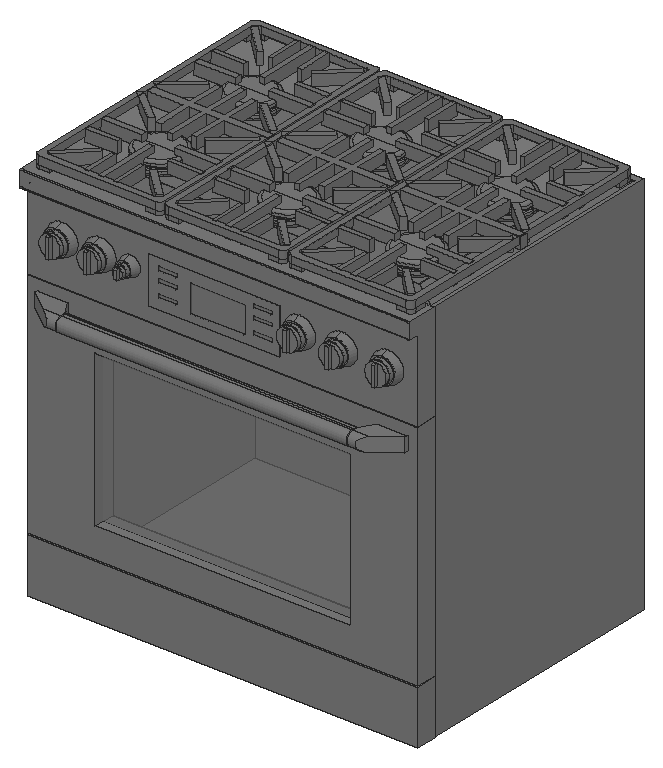
Revit family "DOP36M94D_Revit", category Specialty Equipment, Revit 2014
Parameters (values of type "DOP36M94D")
  Width = 35 7/8"
  WOK RING = "1"
  WI FI = "YES"
  VOLTS (V) = "240 / 208"
  Unit = Stainless Steel
  TYPE OF GRATE = "CONTINUOUS CAST IRON"
  TOTAL NUMBER OF COOKTOP BURNERS = "4 + GRIDDLE"
  TIME OF DAY (12 HR/24 HR) = "YES"
  TEMPERATURE PROBE = "1"
  TEMPERATURE (F / C) = "YES"
  Support = Glass
  STEAM HEATER = "500W"
  STANDARD RACKS = "1"
  SOUND ON/OFF = "YES"
  SEALED BURNERS = "YES"
  RIGHT REAR (BTU) = "9,000 STACK DUAL (SIMMER)"
  RIGHT FRONT (BTU) = "22,000 DUAL (SIMMER)"
  RACK POSITIONS = "6"
  POWER OF GRIDDLE = "1,400 W"
  PERMA-FLAME™ (AUTO RE-IGNITION) = "YES"
  OVEN CAPACITY (CUBIC FEET) = "4.8"
  NUMBER OF KNOBS = "5 + 1 LAMP KNOBS"
  Model = "DOP36M94D"
  Manufacturer = "Dacor"
  MANUAL LIGHTING ON/OFF = "YES"
  LIMITED, PARTS AND LABOR = "1 YEAR"
  LIGHTING = "BRIGHTVUE™ - LED + HALOGEN"
  LEFT REAR (BTU) = "16,000 DUAL (SIMMER)"
  LEFT FRONT (BTU) = "18,000 DUAL (SIMMER)"
  KITCHEN TIMER = "YES"
  INFOCENTER™ DISPLAY = "YES"
  ILLULMINA™ BURNER KNOBS = "YES / WHITE"
  Height = 37 1/2"
  Handle = Stainless Steel
  HIGHLIGHTING COLOR = "WHITE"
  Glide = Plastic-Black
  Gas Burner = Stainless Steel
  GLIDERACK™ = "GLIDERACK™"
  GAS TYPE = "NATURAL GAS NATURAL GAS (HIGH ALTITUDE) LIQUID PROPANE LIQUID PROPANE (HIGH ALTITU"
  FREQUENCY (HZ) = "60"
  ENERGY SOURCE = "GAS AND ELECTRIC"
  Door = Stainless Steel
  Description = "36-INCH PRO DUAL-FUEL STEAM RANGE MODERNIST COLLECTION"
  Depth = 24"
  DELAY START = "YES"
  COOKING MODES = "BAKE - BROIL - CONVECTION BAKE - CONVECTION ROAST - CONVECTION BROIL - FOUR PART PURE CONVECTION - PURE CONVECTION SEAR - STEAM ASSIST"
  COOKIE SHEETS (SET OF 3) = "SKU - ACSM303"
  CONVECTION TYPE = "FOUR PART DUAL PURE CONVECTION WITH FILTER"
  CONVECTION FILTER = "2"
  CONVECTION ELEMENT = "1,300W (EACH - 2,600W TOTAL)"
  CONTROL METHOD = "7” POP-UP LCD"
  CLOCK = "YES"
  CLEANING TYPE = "SELF CLEAN & GREENCLEAN"
  CIRCUIT BREAKER (A) = "50"
  CHILD LOCK = "YES"
  CAVITY = "BLACK ENAMEL COATING"
  Burner = Plastic-Black
  BROIL ELEMENT = "4,400W - 10 PASS"
  BRASS BURNER CAPS = "YES"
  BLUETOOTH (HOOD CONNECTION) = "YES"
  BLACK BURNER CAPS = "YES"
  BAKE ELEMENT = "3,000W - 8 PASS"
  Adjustment = Stainless Steel
  AMBIENTLIGHTING = "YES (DIMMING)"
Reference planes (in)
  plane 1 "Center (Front/Back)": y = 0
  plane 2: z = 0
  plane 3 "Center (Left/Right)": x = 0
  plane 4: y = 12
  plane 5: y = -12
  plane 6: x = -17.9375
  plane 7: x = 17.9375
  plane 8: z = 37.5
  plane 9: y = -14
  plane 10: z = 2
  plane 11: y = -14.875
  plane 12: y = -16.5
  plane 13: z = 38.5625
  plane 14: z = 36
Forms (in)
  Extrusion 1, solid, material "Stainless Steel" <- "Unit"
    sketch origin (0, 0, 0) x (1, 0, 0) y (0, 0, 1)
      loop
        line (-17.9375, 37.5) -> (-17.9375, 2) -> (17.9375, 2) -> (17.9375, 37.5) -> (17.60652, 37.5) -> (17.60652, 2.38848) -> (-17.39348, 2.38848) -> (-17.39348, 37.5) -> (-17.9375, 37.5)
    from -12 to 12
  Extrusion 2, solid, material "Stainless Steel" <- "Door"
    sketch origin (0, 0, 0) x (0, 1, 0) y (0, 0, 1)
      loop
        line (-12, 37.5) -> (-14.84447, 37.5)
        arc (-14.84447, 37.5) -> (-14.86606, 37.49106) -> (-14.875, 37.46947) r 0.03053
        line (-14.875, 37.46947) -> (-14.875, 36.03125)
        arc (-14.875, 36.03125) -> (-14.86585, 36.00915) -> (-14.84375, 36) r 0.03125
        line (-14.84375, 36) -> (-14.03125, 36)
        arc (-14.03125, 36) -> (-14.00915, 35.99085) -> (-14, 35.96875) r 0.03125
        line (-14, 35.96875) -> (-14, 28.5) -> (-12, 28.5) -> (-12, 37.5)
      loop
        line (-14, 1.96852) -> (-12, 1.96852) -> (-12, 6.96852) -> (-14, 6.96852) -> (-14, 1.96852)
    from -17.9375 to 17.9375
  Extrusion 3, solid, material "Glass" <- "Support"
    sketch origin (0, -14, 0) x (1, 0, 0) y (0, 0, 1)
      loop
        line (-11.73004, 24.12749) -> (-11.73004, 9.87749) -> (11.85979, 9.87749) -> (11.85979, 24.12749) -> (-11.73004, 24.12749)
    from -2 to -0.8824
  Revolve 4, solid, material "Plastic-Black" <- "Glide"
    sketch origin (15.125, 0, 0) x (0, 1, 0) y (0, 0, 1)
      loop
        line (-10.25, 2) -> (-10.25, 0.75) -> (-10.14613, 0.64613) -> (-10.14613, 0.08461) -> (-10.09729, 0) -> (-9.53479, 0) -> (-9.53479, 2) -> (-10.25, 2)
      axis (-9.53479, 0) -> (-9.53479, 2)
    angle from 0 to 360
  Revolve 5, solid, material "Plastic-Black" <- "Glide"
    sketch origin (-15.375, 0, 0) x (0, 1, 0) y (0, 0, -1)
      loop
        line (-10.25, -2) -> (-9.53479, -2) -> (-9.53479, 0) -> (-10.09729, 0) -> (-10.14613, -0.08461) -> (-10.14613, -0.64613) -> (-10.25, -0.75) -> (-10.25, -2)
      axis (-9.53479, 0) -> (-9.53479, -2)
    angle from 0 to 360
  Revolve 6, solid, material "Plastic-Black" <- "Glide"
    sketch origin (15.125, 0, 0) x (0, -1, 0) y (0, 0, -1)
      loop
        line (-10.25, -2) -> (-9.53479, -2) -> (-9.53479, 0) -> (-10.09729, 0) -> (-10.14613, -0.08461) -> (-10.14613, -0.64613) -> (-10.25, -0.75) -> (-10.25, -2)
      axis (-9.53479, 0) -> (-9.53479, -2)
    angle from 0 to 360
  Revolve 7, solid, material "Plastic-Black" <- "Glide"
    sketch origin (-15.375, 0, 0) x (0, -1, 0) y (0, 0, 1)
      loop
        line (-10.25, 2) -> (-10.25, 0.75) -> (-10.14613, 0.64613) -> (-10.14613, 0.08461) -> (-10.09729, 0) -> (-9.53479, 0) -> (-9.53479, 2) -> (-10.25, 2)
      axis (-9.53479, 0) -> (-9.53479, 2)
    angle from 0 to 360
  Extrusion 8, solid, material "Stainless Steel" <- "Door"
    sketch origin (0, 0, 0) x (1, 0, 0) y (0, 0, 1)
      loop
        line (-17.9375, 28.42187) -> (-17.9375, 7.10914) -> (17.9375, 7.10914) -> (17.9375, 28.42187) -> (-17.9375, 28.42187)
      loop
        line (-11.73004, 24.12749) -> (-11.73004, 9.87749) -> (11.76996, 9.87749) -> (11.76996, 24.12749) -> (-11.73004, 24.12749)
    from 14 to 12
  Extrusion 9, solid, material "Stainless Steel" <- "Handle"
    sketch origin (0, 0, 0) x (0, 1, 0) y (0, 0, 1)
      loop
        arc (-15.87396, 27.42185) -> (-16.49893, 26.79687) -> (-15.87396, 26.1719) r 0.62497
        line (-15.87396, 26.1719) -> (-15.43909, 26.1719)
        arc (-15.43909, 26.1719) -> (-15.24775, 26.20996) -> (-15.08554, 26.31835) r 0.5
        line (-15.08554, 26.31835) -> (-14.69013, 26.71375)
        arc (-14.69013, 26.71375) -> (-14.63633, 26.86568) -> (-14.72054, 27.00311) r 0.18719
        line (-14.72054, 27.00311) -> (-15.24113, 27.34118)
        arc (-15.24113, 27.34118) -> (-15.37144, 27.40126) -> (-15.51345, 27.42185) r 0.5
        line (-15.51345, 27.42185) -> (-15.87396, 27.42185)
    from -13.39511 to 13.39511
  Extrusion 10, solid, material "Stainless Steel" <- "Unit"
    sketch origin (-1.375, -14, 0) x (-1, 0, 0) y (0, 0, 1)
      loop
        line (5.39011, 34.04897) -> (-6.60989, 34.04897) -> (-6.60989, 29.79897) -> (5.39011, 29.79897) -> (5.39011, 34.04897)
      loop
        line (1.51939, 33.0225) -> (-3.48061, 33.0225) -> (-3.48061, 30.5225) -> (1.51939, 30.5225) -> (1.51939, 33.0225)
      loop
        line (4.4865, 33.38881) -> (2.76484, 33.38881) -> (2.76484, 33.0225) -> (4.4865, 33.0225) -> (4.4865, 33.38881)
      loop
        line (4.4865, 32.38881) -> (2.76484, 32.38881) -> (2.76484, 32.0225) -> (4.4865, 32.0225) -> (4.4865, 32.38881)
      loop
        line (4.4865, 31.13881) -> (2.76484, 31.13881) -> (2.76484, 30.7725) -> (4.4865, 30.7725) -> (4.4865, 31.13881)
      loop
        line (-4.2635, 33.38881) -> (-5.98516, 33.38881) -> (-5.98516, 33.0225) -> (-4.2635, 33.0225) -> (-4.2635, 33.38881)
      loop
        line (-4.2635, 32.38881) -> (-5.98516, 32.38881) -> (-5.98516, 32.0225) -> (-4.2635, 32.0225) -> (-4.2635, 32.38881)
      loop
        line (-4.2635, 31.13881) -> (-5.98516, 31.13881) -> (-5.98516, 30.7725) -> (-4.2635, 30.7725) -> (-4.2635, 31.13881)
    from 0 to -0.02195
  Extrusion 11, solid, material "Stainless Steel" <- "Unit"
    sketch origin (0, 12, 0) x (-1, 0, 0) y (0, 0, 1)
      loop
        line (17.39348, 2.38848) -> (17.39348, 37.5) -> (-17.60652, 37.5) -> (-17.60652, 2.38848) -> (17.39348, 2.38848)
    from 0 to -0.60405
  Blend 12, solid, material "Stainless Steel" <- "Unit"
    base sketch origin (-17.9375, 0, 37.5) x (1, 0, 0) y (0, 1, 0)
      loop
        line (0.54402, -12) -> (35.54402, -12) -> (35.54402, 11.39595) -> (0.54402, 11.39595) -> (0.54402, -12)
    top sketch origin (-17.9375, 0, 37.5) x (1, 0, 0) y (0, 1, 0)
      loop
        line (3.59462, 7.80878) -> (3.59462, -9.19122) -> (32.09462, -9.19122) -> (32.09462, 7.80878) -> (3.59462, 7.80878)
    from 0 to -1.15037
  Blend 13, void
    base sketch origin (-14.9375, 0, 0) x (1, 0, 0) y (0, 1, 0)
      loop
        line (-2.45598, -12) -> (32.54402, -12) -> (32.54402, 11.39595) -> (-2.45598, 11.39595) -> (-2.45598, -12)
    top sketch origin (-14.9375, 0, 0) x (1, 0, 0) y (0, 1, 0)
      loop
        line (1.59462, 7.06965) -> (1.59462, -8.45209) -> (28.59462, -8.45209) -> (28.59462, 7.06965) -> (1.59462, 7.06965)
    from 37.5 to 36.34963
  Extrusion 14, solid, material "Plastic-Black" <- "Burner"
    sketch origin (-17.9375, 0, 36.34963) x (0, 1, 0) y (1, 0, 0)
      loop
        line (7.06965, 31.59462) -> (-8.45209, 31.59462) -> (-8.45209, 4.59462) -> (7.06965, 4.59462) -> (7.06965, 31.59462)
    from 0 to 0.58019
  Revolve 15, solid, material "Stainless Steel" <- "Gas Burner"
    sketch origin (-2.375, -6.625, 0) x (1, 0, 0) y (0, 0, 1)
      loop
        line (-9.25, 35.76944) -> (-9.25, 38.03125) -> (-11.25, 38.03125)
        arc (-11.25, 38.03125) -> (-11.42678, 37.95803) -> (-11.5, 37.78125) r 0.25
        line (-11.5, 37.78125) -> (-11.5, 37.53125) -> (-11.37023, 37.40148)
        arc (-11.37023, 37.40148) -> (-11.35076, 37.35447) -> (-11.37023, 37.30747) r 0.06647
        line (-11.37023, 37.30747) -> (-11.5, 37.1777) -> (-11.5, 36.94183)
        arc (-11.5, 36.94183) -> (-11.44834, 36.78964) -> (-11.3147, 36.70035) r 0.25
        line (-11.3147, 36.70035) -> (-10.77556, 36.55589) -> (-10.3215, 35.76944) -> (-9.25, 35.76944)
      axis (-9.25, 35.76944) -> (-9.25, 38.03125)
    angle from 0 to 360
  Extrusion 16, solid, material "Plastic-Black" <- "Burner"
    sketch origin (0, 0, 0) x (1, 0, 0) y (0, 1, 0)
      loop
        arc (-16.89348, 11.39595) -> (-17.24703, 11.2495) -> (-17.39348, 10.89595) r 0.5
        line (-17.39348, 10.89595) -> (-17.39348, -13.5)
        arc (-17.39348, -13.5) -> (-17.24703, -13.85355) -> (-16.89348, -14) r 0.5
        line (-16.89348, -14) -> (-6.1875, -14)
        arc (-6.1875, -14) -> (-5.83395, -13.85355) -> (-5.6875, -13.5) r 0.5
        line (-5.6875, -13.5) -> (-5.6875, 10.89595)
        arc (-5.6875, 10.89595) -> (-5.83395, 11.2495) -> (-6.1875, 11.39595) r 0.5
        line (-6.1875, 11.39595) -> (-16.89348, 11.39595)
      loop
        arc (-16.37384, 10.84094) -> (-16.72739, 10.69449) -> (-16.87384, 10.34094) r 0.5
        line (-16.87384, 10.34094) -> (-16.87384, -12.90906)
        arc (-16.87384, -12.90906) -> (-16.72739, -13.26262) -> (-16.37384, -13.40906) r 0.5
        line (-16.37384, -13.40906) -> (-6.68634, -13.40906)
        arc (-6.68634, -13.40906) -> (-6.33278, -13.26262) -> (-6.18634, -12.90906) r 0.5
        line (-6.18634, -12.90906) -> (-6.18634, 10.34094)
        arc (-6.18634, 10.34094) -> (-6.33278, 10.69449) -> (-6.68634, 10.84094) r 0.5
        line (-6.68634, 10.84094) -> (-16.37384, 10.84094)
      loop
        line (16.89348, 11.39595) -> (6.375, 11.39595)
        arc (6.375, 11.39595) -> (6.02145, 11.2495) -> (5.875, 10.89595) r 0.5
        line (5.875, 10.89595) -> (5.875, -13.5)
        arc (5.875, -13.5) -> (6.02145, -13.85355) -> (6.375, -14) r 0.5
        line (6.375, -14) -> (16.89348, -14)
        arc (16.89348, -14) -> (17.24703, -13.85355) -> (17.39348, -13.5) r 0.5
        line (17.39348, -13.5) -> (17.39348, 10.89595)
        arc (17.39348, 10.89595) -> (17.24703, 11.2495) -> (16.89348, 11.39595) r 0.5
      loop
        line (16.37384, 10.84094) -> (6.87384, 10.84094)
        arc (6.87384, 10.84094) -> (6.52028, 10.69449) -> (6.37384, 10.34094) r 0.5
        line (6.37384, 10.34094) -> (6.37384, -12.90906)
        arc (6.37384, -12.90906) -> (6.52028, -13.26262) -> (6.87384, -13.40906) r 0.5
        line (6.87384, -13.40906) -> (16.37384, -13.40906)
        arc (16.37384, -13.40906) -> (16.72739, -13.26262) -> (16.87384, -12.90906) r 0.5
        line (16.87384, -12.90906) -> (16.87384, 10.34094)
        arc (16.87384, 10.34094) -> (16.72739, 10.69449) -> (16.37384, 10.84094) r 0.5
      loop
        line (5.14348, 11.39595) -> (-5, 11.39595)
        arc (-5, 11.39595) -> (-5.35355, 11.2495) -> (-5.5, 10.89595) r 0.5
        line (-5.5, 10.89595) -> (-5.5, -13.5)
        arc (-5.5, -13.5) -> (-5.35355, -13.85355) -> (-5, -14) r 0.5
        line (-5, -14) -> (5.14348, -14)
        arc (5.14348, -14) -> (5.49703, -13.85355) -> (5.64348, -13.5) r 0.5
        line (5.64348, -13.5) -> (5.64348, 10.89595)
        arc (5.64348, 10.89595) -> (5.49703, 11.2495) -> (5.14348, 11.39595) r 0.5
      loop
        line (4.62384, 10.84094) -> (-4.50116, 10.84094)
        arc (-4.50116, 10.84094) -> (-4.85472, 10.69449) -> (-5.00116, 10.34094) r 0.5
        line (-5.00116, 10.34094) -> (-5.00116, -12.90906)
        arc (-5.00116, -12.90906) -> (-4.85472, -13.26262) -> (-4.50116, -13.40906) r 0.5
        line (-4.50116, -13.40906) -> (4.62384, -13.40906)
        arc (4.62384, -13.40906) -> (4.97739, -13.26262) -> (5.12384, -12.90906) r 0.5
        line (5.12384, -12.90906) -> (5.12384, 10.34094)
        arc (5.12384, 10.34094) -> (4.97739, 10.69449) -> (4.62384, 10.84094) r 0.5
    from 38.5625 to 37.89555
  Revolve 17, solid, material "Stainless Steel" <- "Gas Burner"
    sketch origin (-2.375, 3.875, 0) x (1, 0, 0) y (0, 0, -1)
      loop
        line (-9.25, -35.76944) -> (-10.3215, -35.76944) -> (-10.77556, -36.55589) -> (-11.3147, -36.70035)
        arc (-11.3147, -36.70035) -> (-11.44834, -36.78964) -> (-11.5, -36.94183) r 0.25
        line (-11.5, -36.94183) -> (-11.5, -37.1777) -> (-11.37023, -37.30747)
        arc (-11.37023, -37.30747) -> (-11.35076, -37.35447) -> (-11.37023, -37.40148) r 0.06647
        line (-11.37023, -37.40148) -> (-11.5, -37.53125) -> (-11.5, -37.78125)
        arc (-11.5, -37.78125) -> (-11.42678, -37.95803) -> (-11.25, -38.03125) r 0.25
        line (-11.25, -38.03125) -> (-9.25, -38.03125) -> (-9.25, -35.76944)
      axis (-9.25, -35.76944) -> (-9.25, -38.03125)
    angle from 0 to 360
  Revolve 18, solid, material "Stainless Steel" <- "Gas Burner"
    sketch origin (2.75, -6.625, 0) x (-1, 0, 0) y (0, 0, -1)
      loop
        line (-9.25, -35.76944) -> (-10.3215, -35.76944) -> (-10.77556, -36.55589) -> (-11.3147, -36.70035)
        arc (-11.3147, -36.70035) -> (-11.44834, -36.78964) -> (-11.5, -36.94183) r 0.25
        line (-11.5, -36.94183) -> (-11.5, -37.1777) -> (-11.37023, -37.30747)
        arc (-11.37023, -37.30747) -> (-11.35076, -37.35447) -> (-11.37023, -37.40148) r 0.06647
        line (-11.37023, -37.40148) -> (-11.5, -37.53125) -> (-11.5, -37.78125)
        arc (-11.5, -37.78125) -> (-11.42678, -37.95803) -> (-11.25, -38.03125) r 0.25
        line (-11.25, -38.03125) -> (-9.25, -38.03125) -> (-9.25, -35.76944)
      axis (-9.25, -35.76944) -> (-9.25, -38.03125)
    angle from 0 to 360
  Revolve 19, solid, material "Stainless Steel" <- "Gas Burner"
    sketch origin (2.75, 3.875, 0) x (-1, 0, 0) y (0, 0, 1)
      loop
        line (-9.25, 35.76944) -> (-9.25, 38.03125) -> (-11.25, 38.03125)
        arc (-11.25, 38.03125) -> (-11.42678, 37.95803) -> (-11.5, 37.78125) r 0.25
        line (-11.5, 37.78125) -> (-11.5, 37.53125) -> (-11.37023, 37.40148)
        arc (-11.37023, 37.40148) -> (-11.35076, 37.35447) -> (-11.37023, 37.30747) r 0.06647
        line (-11.37023, 37.30747) -> (-11.5, 37.1777) -> (-11.5, 36.94183)
        arc (-11.5, 36.94183) -> (-11.44834, 36.78964) -> (-11.3147, 36.70035) r 0.25
        line (-11.3147, 36.70035) -> (-10.77556, 36.55589) -> (-10.3215, 35.76944) -> (-9.25, 35.76944)
      axis (-9.25, 35.76944) -> (-9.25, 38.03125)
    angle from 0 to 360
  Extrusion 20, solid, material "Plastic-Black" <- "Burner"
    sketch origin (0, 0, 0) x (1, 0, 0) y (0, 1, 0)
      loop
        arc (-16.89348, 11.39595) -> (-17.24703, 11.2495) -> (-17.39348, 10.89595) r 0.5
        line (-17.39348, 10.89595) -> (-17.39348, 9.92792) -> (-16.87384, 9.92792) -> (-16.87384, 10.34094)
        arc (-16.87384, 10.34094) -> (-16.72739, 10.69449) -> (-16.37384, 10.84094) r 0.5
        line (-16.37384, 10.84094) -> (-15.98692, 10.84094) -> (-15.98692, 11.39595) -> (-16.89348, 11.39595)
      loop
        line (-16.89348, -13.95845) -> (-15.98692, -13.95845) -> (-15.98692, -13.40344) -> (-16.37384, -13.40344)
        arc (-16.37384, -13.40344) -> (-16.72739, -13.25699) -> (-16.87384, -12.90344) r 0.5
        line (-16.87384, -12.90344) -> (-16.87384, -12.49042) -> (-17.39348, -12.49042) -> (-17.39348, -13.45845)
        arc (-17.39348, -13.45845) -> (-17.24703, -13.812) -> (-16.89348, -13.95845) r 0.5
      loop
        line (-6.22919, 11.39595) -> (-7.13575, 11.39595) -> (-7.13575, 10.84094) -> (-6.74884, 10.84094)
        arc (-6.74884, 10.84094) -> (-6.39528, 10.69449) -> (-6.24884, 10.34094) r 0.5
        line (-6.24884, 10.34094) -> (-6.24884, 9.92792) -> (-5.72919, 9.92792) -> (-5.72919, 10.89595)
        arc (-5.72919, 10.89595) -> (-5.87564, 11.2495) -> (-6.22919, 11.39595) r 0.5
      loop
        arc (-6.22919, -13.95845) -> (-5.87564, -13.812) -> (-5.72919, -13.45845) r 0.5
        line (-5.72919, -13.45845) -> (-5.72919, -12.49042) -> (-6.24884, -12.49042) -> (-6.24884, -12.90344)
        arc (-6.24884, -12.90344) -> (-6.39528, -13.25699) -> (-6.74884, -13.40344) r 0.5
        line (-6.74884, -13.40344) -> (-7.13575, -13.40344) -> (-7.13575, -13.95845) -> (-6.22919, -13.95845)
      loop
        line (16.89348, 11.39595) -> (15.98692, 11.39595) -> (15.98692, 10.84094) -> (16.37384, 10.84094)
        arc (16.37384, 10.84094) -> (16.72739, 10.69449) -> (16.87384, 10.34094) r 0.5
        line (16.87384, 10.34094) -> (16.87384, 9.92792) -> (17.39348, 9.92792) -> (17.39348, 10.89595)
        arc (17.39348, 10.89595) -> (17.24703, 11.2495) -> (16.89348, 11.39595) r 0.5
      loop
        arc (16.89348, -13.95845) -> (17.24703, -13.812) -> (17.39348, -13.45845) r 0.5
        line (17.39348, -13.45845) -> (17.39348, -12.49042) -> (16.87384, -12.49042) -> (16.87384, -12.90344)
        arc (16.87384, -12.90344) -> (16.72739, -13.25699) -> (16.37384, -13.40344) r 0.5
        line (16.37384, -13.40344) -> (15.98692, -13.40344) -> (15.98692, -13.95845) -> (16.89348, -13.95845)
      loop
        arc (6.35419, 11.39595) -> (6.00064, 11.2495) -> (5.85419, 10.89595) r 0.5
        line (5.85419, 10.89595) -> (5.85419, 9.92792) -> (6.37384, 9.92792) -> (6.37384, 10.34094)
        arc (6.37384, 10.34094) -> (6.52028, 10.69449) -> (6.87384, 10.84094) r 0.5
        line (6.87384, 10.84094) -> (7.26075, 10.84094) -> (7.26075, 11.39595) -> (6.35419, 11.39595)
      loop
        line (6.35419, -13.95845) -> (7.26075, -13.95845) -> (7.26075, -13.40344) -> (6.87384, -13.40344)
        arc (6.87384, -13.40344) -> (6.52028, -13.25699) -> (6.37384, -12.90344) r 0.5
        line (6.37384, -12.90344) -> (6.37384, -12.49042) -> (5.85419, -12.49042) -> (5.85419, -13.45845)
        arc (5.85419, -13.45845) -> (6.00064, -13.812) -> (6.35419, -13.95845) r 0.5
      loop
        line (5.10179, 11.39595) -> (4.19523, 11.39595) -> (4.19523, 10.84094) -> (4.58214, 10.84094)
        arc (4.58214, 10.84094) -> (4.9357, 10.69449) -> (5.08214, 10.34094) r 0.5
        line (5.08214, 10.34094) -> (5.08214, 9.92792) -> (5.60179, 9.92792) -> (5.60179, 10.89595)
        arc (5.60179, 10.89595) -> (5.45534, 11.2495) -> (5.10179, 11.39595) r 0.5
      loop
        arc (5.10179, -13.95845) -> (5.45534, -13.812) -> (5.60179, -13.45845) r 0.5
        line (5.60179, -13.45845) -> (5.60179, -12.49042) -> (5.08214, -12.49042) -> (5.08214, -12.90344)
        arc (5.08214, -12.90344) -> (4.9357, -13.25699) -> (4.58214, -13.40344) r 0.5
        line (4.58214, -13.40344) -> (4.19523, -13.40344) -> (4.19523, -13.95845) -> (5.10179, -13.95845)
      loop
        arc (-5, 11.39595) -> (-5.35355, 11.2495) -> (-5.5, 10.89595) r 0.5
        line (-5.5, 10.89595) -> (-5.5, 9.92792) -> (-4.98036, 9.92792) -> (-4.98036, 10.34094)
        arc (-4.98036, 10.34094) -> (-4.83391, 10.69449) -> (-4.48036, 10.84094) r 0.5
        line (-4.48036, 10.84094) -> (-4.09344, 10.84094) -> (-4.09344, 11.39595) -> (-5, 11.39595)
      loop
        line (-5, -13.95845) -> (-4.09344, -13.95845) -> (-4.09344, -13.40344) -> (-4.48036, -13.40344)
        arc (-4.48036, -13.40344) -> (-4.83391, -13.25699) -> (-4.98036, -12.90344) r 0.5
        line (-4.98036, -12.90344) -> (-4.98036, -12.49042) -> (-5.5, -12.49042) -> (-5.5, -13.45845)
        arc (-5.5, -13.45845) -> (-5.35355, -13.812) -> (-5, -13.95845) r 0.5
    from 37.89555 to 37.5
  Extrusion 21, solid, material "Plastic-Black" <- "Burner"
    sketch origin (0, 0, 0) x (1, 0, 0) y (0, 1, 0)
      loop
        line (-16.87384, -1.63544) -> (-13.51313, -1.63544) -> (-13.51313, -4.74313) -> (-13.04549, -4.74313) -> (-13.04549, -1.63544) -> (-11.88813, -1.63544) -> (-11.88813, -5.49313) -> (-11.42049, -5.49313) -> (-11.42049, -1.63544) -> (-10.26313, -1.63544) -> (-10.26313, -4.74313) -> (-9.79549, -4.74313) -> (-9.79549, -1.63544) -> (-5.6875, -1.63544) -> (-5.6875, -0.93269) -> (-9.79549, -0.93269) -> (-9.79549, 2.175) -> (-10.26313, 2.175) -> (-10.26313, -0.93269) -> (-11.42049, -0.93269) -> (-11.42049, 2.925) -> (-11.88813, 2.925) -> (-11.88813, -0.93269) -> (-13.04549, -0.93269) -> (-13.04549, 2.175) -> (-13.51313, 2.175) -> (-13.51313, -0.88568) -> (-16.87384, -0.88568) -> (-16.87384, -1.63544)
      loop
        line (-13.13813, -13.44499) -> (-12.79549, -13.44499) -> (-12.79549, -10.2987) -> (-13.13813, -10.2987) -> (-13.13813, -13.44499)
      loop
        line (-11.88813, -13.44499) -> (-11.42049, -13.44499) -> (-11.42049, -7.675) -> (-11.88813, -7.675) -> (-11.88813, -13.44499)
      loop
        line (-16.53101, -13.22716) -> (-13.87936, -10.57551) -> (-14.22219, -10.23268) -> (-16.87384, -12.88433) -> (-16.53101, -13.22716)
      loop
        line (-16.87384, -6.96756) -> (-13.02721, -6.96756) -> (-13.02721, -6.38806) -> (-16.87384, -6.38806) -> (-16.87384, -6.96756)
      loop
        line (-16.87384, -8.77147) -> (-13.87384, -8.77147) -> (-13.87384, -8.33397) -> (-16.87384, -8.33397) -> (-16.87384, -8.77147)
      loop
        line (-16.91878, -1.8755) -> (-17.27233, -2.22905) -> (-14.31207, -4.76597) -> (-13.95852, -4.41242) -> (-16.91878, -1.8755)
      loop
        line (-10.13813, -13.44499) -> (-10.13813, -10.2987) -> (-10.48076, -10.2987) -> (-10.48076, -13.44499) -> (-10.13813, -13.44499)
      loop
        line (-6.77761, -13.22716) -> (-6.43478, -12.88433) -> (-9.08643, -10.23268) -> (-9.42926, -10.57551) -> (-6.77761, -13.22716)
      loop
        line (-6.18866, -6.96756) -> (-6.18866, -6.38806) -> (-10.03529, -6.38806) -> (-10.03529, -6.96756) -> (-6.18866, -6.96756)
      loop
        line (-6.18866, -8.77147) -> (-6.18866, -8.33397) -> (-9.18866, -8.33397) -> (-9.18866, -8.77147) -> (-6.18866, -8.77147)
      loop
        line (-6.33122, -1.8755) -> (-9.29148, -4.41242) -> (-8.93793, -4.76597) -> (-5.97767, -2.22905) -> (-6.33122, -1.8755)
      loop
        line (-13.13813, 10.87686) -> (-13.13813, 7.73057) -> (-12.79549, 7.73057) -> (-12.79549, 10.87686) -> (-13.13813, 10.87686)
      loop
        line (-11.88813, 10.87686) -> (-11.88813, 5.10687) -> (-11.42049, 5.10687) -> (-11.42049, 10.87686) -> (-11.88813, 10.87686)
      loop
        line (-16.53101, 10.65903) -> (-16.87384, 10.3162) -> (-14.22219, 7.66455) -> (-13.87936, 8.00738) -> (-16.53101, 10.65903)
      loop
        line (-16.87384, 4.39943) -> (-16.87384, 3.81993) -> (-13.02721, 3.81993) -> (-13.02721, 4.39943) -> (-16.87384, 4.39943)
      loop
        line (-16.87384, 6.20334) -> (-16.87384, 5.76584) -> (-13.87384, 5.76584) -> (-13.87384, 6.20334) -> (-16.87384, 6.20334)
      loop
        line (-16.91878, -0.69263) -> (-13.95852, 1.84429) -> (-14.31207, 2.19784) -> (-17.27233, -0.33908) -> (-16.91878, -0.69263)
      loop
        line (-10.13813, 10.87686) -> (-10.48076, 10.87686) -> (-10.48076, 7.73057) -> (-10.13813, 7.73057) -> (-10.13813, 10.87686)
      loop
        line (-6.77761, 10.65903) -> (-9.42926, 8.00738) -> (-9.08643, 7.66455) -> (-6.43478, 10.3162) -> (-6.77761, 10.65903)
      loop
        line (-6.18866, 4.39943) -> (-10.03529, 4.39943) -> (-10.03529, 3.81993) -> (-6.18866, 3.81993) -> (-6.18866, 4.39943)
      loop
        line (-6.18866, 6.20334) -> (-9.18866, 6.20334) -> (-9.18866, 5.76584) -> (-6.18866, 5.76584) -> (-6.18866, 6.20334)
      loop
        line (-6.33122, -0.69263) -> (-5.97767, -0.33908) -> (-8.93793, 2.19784) -> (-9.29148, 1.84429) -> (-6.33122, -0.69263)
      loop
        line (-5.12384, -1.63544) -> (-1.76313, -1.63544) -> (-1.76313, -4.74313) -> (-1.29549, -4.74313) -> (-1.29549, -1.63544) -> (-0.13813, -1.63544) -> (-0.13813, -5.49313) -> (0.32951, -5.49313) -> (0.32951, -1.63544) -> (1.48687, -1.63544) -> (1.48687, -4.74313) -> (1.95451, -4.74313) -> (1.95451, -1.63544) -> (5.6875, -1.63544) -> (5.6875, -0.93269) -> (1.95451, -0.93269) -> (1.95451, 2.175) -> (1.48687, 2.175) -> (1.48687, -0.93269) -> (0.32951, -0.93269) -> (0.32951, 2.925) -> (-0.13813, 2.925) -> (-0.13813, -0.93269) -> (-1.29549, -0.93269) -> (-1.29549, 2.175) -> (-1.76313, 2.175) -> (-1.76313, -0.88568) -> (-5.12384, -0.88568) -> (-5.12384, -1.63544)
      loop
        line (-1.38813, -13.44499) -> (-1.04549, -13.44499) -> (-1.04549, -10.2987) -> (-1.38813, -10.2987) -> (-1.38813, -13.44499)
      loop
        line (-0.13813, -13.44499) -> (0.32951, -13.44499) -> (0.32951, -7.675) -> (-0.13813, -7.675) -> (-0.13813, -13.44499)
      loop
        line (-4.78101, -13.22716) -> (-2.12936, -10.57551) -> (-2.47219, -10.23268) -> (-5.12384, -12.88433) -> (-4.78101, -13.22716)
      loop
        line (-5.12384, -6.96756) -> (-1.27721, -6.96756) -> (-1.27721, -6.38806) -> (-5.12384, -6.38806) -> (-5.12384, -6.96756)
      loop
        line (-5.12384, -8.77147) -> (-2.12384, -8.77147) -> (-2.12384, -8.33397) -> (-5.12384, -8.33397) -> (-5.12384, -8.77147)
      loop
        line (-5.16878, -1.8755) -> (-5.52233, -2.22905) -> (-2.56207, -4.76597) -> (-2.20852, -4.41242) -> (-5.16878, -1.8755)
      loop
        line (1.61187, -13.44499) -> (1.61187, -10.2987) -> (1.26924, -10.2987) -> (1.26924, -13.44499) -> (1.61187, -13.44499)
      loop
        line (4.97239, -13.22716) -> (5.31522, -12.88433) -> (2.66357, -10.23268) -> (2.32074, -10.57551) -> (4.97239, -13.22716)
      loop
        line (5.56134, -6.96756) -> (5.56134, -6.38806) -> (1.71471, -6.38806) -> (1.71471, -6.96756) -> (5.56134, -6.96756)
      loop
        line (5.56134, -8.77147) -> (5.56134, -8.33397) -> (2.56134, -8.33397) -> (2.56134, -8.77147) -> (5.56134, -8.77147)
      loop
        line (5.41878, -1.8755) -> (2.45852, -4.41242) -> (2.81207, -4.76597) -> (5.77233, -2.22905) -> (5.41878, -1.8755)
      loop
        line (-1.38813, 10.87686) -> (-1.38813, 7.73057) -> (-1.04549, 7.73057) -> (-1.04549, 10.87686) -> (-1.38813, 10.87686)
      loop
        line (-0.13813, 10.87686) -> (-0.13813, 5.10687) -> (0.32951, 5.10687) -> (0.32951, 10.87686) -> (-0.13813, 10.87686)
      loop
        line (-4.78101, 10.65903) -> (-5.12384, 10.3162) -> (-2.47219, 7.66455) -> (-2.12936, 8.00738) -> (-4.78101, 10.65903)
      loop
        line (-5.12384, 4.39943) -> (-5.12384, 3.81993) -> (-1.27721, 3.81993) -> (-1.27721, 4.39943) -> (-5.12384, 4.39943)
      loop
        line (-5.12384, 6.20334) -> (-5.12384, 5.76584) -> (-2.12384, 5.76584) -> (-2.12384, 6.20334) -> (-5.12384, 6.20334)
      loop
        line (-5.16878, -0.69263) -> (-2.20852, 1.84429) -> (-2.56207, 2.19784) -> (-5.52233, -0.33908) -> (-5.16878, -0.69263)
      loop
        line (1.61187, 10.87686) -> (1.26924, 10.87686) -> (1.26924, 7.73057) -> (1.61187, 7.73057) -> (1.61187, 10.87686)
      loop
        line (4.97239, 10.65903) -> (2.32074, 8.00738) -> (2.66357, 7.66455) -> (5.31522, 10.3162) -> (4.97239, 10.65903)
      loop
        line (5.56134, 4.39943) -> (1.71471, 4.39943) -> (1.71471, 3.81993) -> (5.56134, 3.81993) -> (5.56134, 4.39943)
      loop
        line (5.56134, 6.20334) -> (2.56134, 6.20334) -> (2.56134, 5.76584) -> (5.56134, 5.76584) -> (5.56134, 6.20334)
      loop
        line (5.41878, -0.69263) -> (5.77233, -0.33908) -> (2.81207, 2.19784) -> (2.45852, 1.84429) -> (5.41878, -0.69263)
      loop
        line (6.37384, -1.63544) -> (9.73455, -1.63544) -> (9.73455, -4.74313) -> (10.20218, -4.74313) -> (10.20218, -1.63544) -> (11.35955, -1.63544) -> (11.35955, -5.49313) -> (11.82718, -5.49313) -> (11.82718, -1.63544) -> (12.98455, -1.63544) -> (12.98455, -4.74313) -> (13.45218, -4.74313) -> (13.45218, -1.63544) -> (17.56017, -1.63544) -> (17.56017, -0.93269) -> (13.45218, -0.93269) -> (13.45218, 2.175) -> (12.98455, 2.175) -> (12.98455, -0.93269) -> (11.82718, -0.93269) -> (11.82718, 2.925) -> (11.35955, 2.925) -> (11.35955, -0.93269) -> (10.20218, -0.93269) -> (10.20218, 2.175) -> (9.73455, 2.175) -> (9.73455, -0.88568) -> (6.37384, -0.88568) -> (6.37384, -1.63544)
      loop
        line (10.10955, -13.44499) -> (10.45218, -13.44499) -> (10.45218, -10.2987) -> (10.10955, -10.2987) -> (10.10955, -13.44499)
      loop
        line (11.35955, -13.44499) -> (11.82718, -13.44499) -> (11.82718, -7.675) -> (11.35955, -7.675) -> (11.35955, -13.44499)
      loop
        line (6.71667, -13.22716) -> (9.36832, -10.57551) -> (9.02549, -10.23268) -> (6.37384, -12.88433) -> (6.71667, -13.22716)
      loop
        line (6.37384, -6.96756) -> (10.22046, -6.96756) -> (10.22046, -6.38806) -> (6.37384, -6.38806) -> (6.37384, -6.96756)
      loop
        line (6.37384, -8.77147) -> (9.37384, -8.77147) -> (9.37384, -8.33397) -> (6.37384, -8.33397) -> (6.37384, -8.77147)
      loop
        line (6.3289, -1.8755) -> (5.97534, -2.22905) -> (8.9356, -4.76597) -> (9.28916, -4.41242) -> (6.3289, -1.8755)
      loop
        line (13.10955, -13.44499) -> (13.10955, -10.2987) -> (12.76691, -10.2987) -> (12.76691, -13.44499) -> (13.10955, -13.44499)
      loop
        line (16.47006, -13.22716) -> (16.81289, -12.88433) -> (14.16124, -10.23268) -> (13.81841, -10.57551) -> (16.47006, -13.22716)
      loop
        line (17.05901, -6.96756) -> (17.05901, -6.38806) -> (13.21238, -6.38806) -> (13.21238, -6.96756) -> (17.05901, -6.96756)
      loop
        line (17.05901, -8.77147) -> (17.05901, -8.33397) -> (14.05901, -8.33397) -> (14.05901, -8.77147) -> (17.05901, -8.77147)
      loop
        line (16.91645, -1.8755) -> (13.95619, -4.41242) -> (14.30974, -4.76597) -> (17.27, -2.22905) -> (16.91645, -1.8755)
      loop
        line (10.10955, 10.87686) -> (10.10955, 7.73057) -> (10.45218, 7.73057) -> (10.45218, 10.87686) -> (10.10955, 10.87686)
      loop
        line (11.35955, 10.87686) -> (11.35955, 5.10687) -> (11.82718, 5.10687) -> (11.82718, 10.87686) -> (11.35955, 10.87686)
      loop
        line (6.71667, 10.65903) -> (6.37384, 10.3162) -> (9.02549, 7.66455) -> (9.36832, 8.00738) -> (6.71667, 10.65903)
      loop
        line (6.37384, 4.39943) -> (6.37384, 3.81993) -> (10.22046, 3.81993) -> (10.22046, 4.39943) -> (6.37384, 4.39943)
      loop
        line (6.37384, 6.20334) -> (6.37384, 5.76584) -> (9.37384, 5.76584) -> (9.37384, 6.20334) -> (6.37384, 6.20334)
      loop
        line (6.3289, -0.69263) -> (9.28916, 1.84429) -> (8.9356, 2.19784) -> (5.97534, -0.33908) -> (6.3289, -0.69263)
      loop
        line (13.10955, 10.87686) -> (12.76691, 10.87686) -> (12.76691, 7.73057) -> (13.10955, 7.73057) -> (13.10955, 10.87686)
      loop
        line (16.47006, 10.65903) -> (13.81841, 8.00738) -> (14.16124, 7.66455) -> (16.81289, 10.3162) -> (16.47006, 10.65903)
      loop
        line (17.05901, 4.39943) -> (13.21238, 4.39943) -> (13.21238, 3.81993) -> (17.05901, 3.81993) -> (17.05901, 4.39943)
      loop
        line (17.05901, 6.20334) -> (14.05901, 6.20334) -> (14.05901, 5.76584) -> (17.05901, 5.76584) -> (17.05901, 6.20334)
      loop
        line (16.91645, -0.69263) -> (17.27, -0.33908) -> (14.30974, 2.19784) -> (13.95619, 1.84429) -> (16.91645, -0.69263)
    from 37.5 to 38.5625
  Revolve 22, solid, material "Stainless Steel" <- "Adjustment"
    sketch origin (15.25, 0, -0.625) x (0, 1, 0) y (0, 0, 1)
      loop
        line (-14, 34.51346) -> (-14.75, 34.3125) -> (-14.75, 34.17513) -> (-15.13851, 34.17513) -> (-15.13851, 34.10788) -> (-15.47236, 34.10788) -> (-15.47236, 33.12798) -> (-14, 33.12798) -> (-14, 34.51346)
      axis (-15.47236, 33.12798) -> (-14, 33.12798)
    angle from 0 to 360
  Extrusion 23, solid, material "Stainless Steel" <- "Adjustment"
    sketch origin (0.25, 0, -0.625) x (1, 0, 0) y (0, 0, 1)
      loop
        line (14.85979, 34.03957) -> (14.85979, 32.20999) -> (15.16074, 32.20999) -> (15.16074, 34.03957) -> (14.85979, 34.03957)
    from 15.76036 to 15.47236
  Revolve 24, solid, material "Stainless Steel" <- "Gas Burner"
    sketch origin (-9, -6.625, 0) x (-1, 0, 0) y (0, 0, -1)
      loop
        line (-9.25, -35.76944) -> (-10.3215, -35.76944) -> (-10.77556, -36.55589) -> (-11.3147, -36.70035)
        arc (-11.3147, -36.70035) -> (-11.44834, -36.78964) -> (-11.5, -36.94183) r 0.25
        line (-11.5, -36.94183) -> (-11.5, -37.1777) -> (-11.37023, -37.30747)
        arc (-11.37023, -37.30747) -> (-11.35076, -37.35447) -> (-11.37023, -37.40148) r 0.06647
        line (-11.37023, -37.40148) -> (-11.5, -37.53125) -> (-11.5, -37.78125)
        arc (-11.5, -37.78125) -> (-11.42678, -37.95803) -> (-11.25, -38.03125) r 0.25
        line (-11.25, -38.03125) -> (-9.25, -38.03125) -> (-9.25, -35.76944)
      axis (-9.25, -35.76944) -> (-9.25, -38.03125)
    angle from 0 to 360
  Revolve 25, solid, material "Stainless Steel" <- "Gas Burner"
    sketch origin (-9, 3.875, 0) x (-1, 0, 0) y (0, 0, 1)
      loop
        line (-9.25, 35.76944) -> (-9.25, 38.03125) -> (-11.25, 38.03125)
        arc (-11.25, 38.03125) -> (-11.42678, 37.95803) -> (-11.5, 37.78125) r 0.25
        line (-11.5, 37.78125) -> (-11.5, 37.53125) -> (-11.37023, 37.40148)
        arc (-11.37023, 37.40148) -> (-11.35076, 37.35447) -> (-11.37023, 37.30747) r 0.06647
        line (-11.37023, 37.30747) -> (-11.5, 37.1777) -> (-11.5, 36.94183)
        arc (-11.5, 36.94183) -> (-11.44834, 36.78964) -> (-11.3147, 36.70035) r 0.25
        line (-11.3147, 36.70035) -> (-10.77556, 36.55589) -> (-10.3215, 35.76944) -> (-9.25, 35.76944)
      axis (-9.25, 35.76944) -> (-9.25, 38.03125)
    angle from 0 to 360
  Extrusion 26, solid, material "Stainless Steel" <- "Handle"
    sketch origin (3.625, 0, 0) x (0, 1, 0) y (0, 0, 1)
      loop
        arc (-15.86535, 27.42185) -> (-16.49032, 26.79687) -> (-15.86535, 26.1719) r 0.62497
        line (-15.86535, 26.1719) -> (-14, 26.1719) -> (-14, 27.42185) -> (-15.86535, 27.42185)
    from 9.77011 to 13.3987
  Extrusion 27, void
    sketch origin (0, 0, 0) x (1, 0, 0) y (0, 1, 0)
      loop
        line (13.93535, -16.697) -> (17.34142, -16.697) -> (17.34142, -14.03589) -> (13.93535, -16.697)
      loop
        line (13.26456, -15.66428) -> (14.26456, -14) -> (13.26456, -14) -> (13.26456, -15.66428)
    from 25.10076 to 27.81952
  Extrusion 28, solid, material "Stainless Steel" <- "Handle"
    sketch origin (-3.625, 0, 0) x (0, 1, 0) y (0, 0, -1)
      loop
        line (-15.86535, -27.42185) -> (-14, -27.42185) -> (-14, -26.1719) -> (-15.86535, -26.1719)
        arc (-15.86535, -26.1719) -> (-16.49032, -26.79687) -> (-15.86535, -27.42185) r 0.62497
    from 9.77011 to 13.3987
  Extrusion 29, void
    sketch origin (0, 0, 0) x (-1, 0, 0) y (0, -1, 0)
      loop
        line (13.93535, 16.697) -> (17.34142, 14.03589) -> (17.34142, 16.697) -> (13.93535, 16.697)
      loop
        line (13.26456, 15.66428) -> (13.26456, 14) -> (14.26456, 14) -> (13.26456, 15.66428)
    from 25.10076 to 27.81952
  Extrusion 30, solid, material "Glass" <- "Support"
    sketch origin (-1.375, 0, 0) x (1, 0, 0) y (0, 0, 1)
      loop
        line (-1.51939, 33.0225) -> (-1.51939, 30.5225) -> (3.48061, 30.5225) -> (3.48061, 33.0225) -> (-1.51939, 33.0225)
      loop
        line (-2.76484, 33.0225) -> (-2.76484, 33.38881) -> (-4.4865, 33.38881) -> (-4.4865, 33.0225) -> (-2.76484, 33.0225)
      loop
        line (-2.76484, 32.0225) -> (-2.76484, 32.38881) -> (-4.4865, 32.38881) -> (-4.4865, 32.0225) -> (-2.76484, 32.0225)
      loop
        line (-2.76484, 30.7725) -> (-2.76484, 31.13881) -> (-4.4865, 31.13881) -> (-4.4865, 30.7725) -> (-2.76484, 30.7725)
      loop
        line (5.98516, 33.0225) -> (5.98516, 33.38881) -> (4.2635, 33.38881) -> (4.2635, 33.0225) -> (5.98516, 33.0225)
      loop
        line (5.98516, 32.0225) -> (5.98516, 32.38881) -> (4.2635, 32.38881) -> (4.2635, 32.0225) -> (5.98516, 32.0225)
      loop
        line (5.98516, 30.7725) -> (5.98516, 31.13881) -> (4.2635, 31.13881) -> (4.2635, 30.7725) -> (5.98516, 30.7725)
    from 14 to 14.02195
  Revolve 31, solid, material "Stainless Steel" <- "Adjustment"
    sketch origin (11, 0, -0.625) x (0, 1, 0) y (0, 0, 1)
      loop
        line (-14, 34.51346) -> (-14.75, 34.3125) -> (-14.75, 34.17513) -> (-15.13851, 34.17513) -> (-15.13851, 34.10788) -> (-15.47236, 34.10788) -> (-15.47236, 33.12798) -> (-14, 33.12798) -> (-14, 34.51346)
      axis (-15.47236, 33.12798) -> (-14, 33.12798)
    angle from 0 to 360
  Extrusion 32, solid, material "Stainless Steel" <- "Adjustment"
    sketch origin (-4, 0, -0.625) x (1, 0, 0) y (0, 0, 1)
      loop
        line (14.85979, 34.03957) -> (14.85979, 32.20999) -> (15.16074, 32.20999) -> (15.16074, 34.03957) -> (14.85979, 34.03957)
    from 15.76036 to 15.47236
  Revolve 33, solid, material "Stainless Steel" <- "Adjustment"
    sketch origin (7.125, 0, -0.625) x (0, 1, 0) y (0, 0, 1)
      loop
        line (-14, 34.51346) -> (-14.75, 34.3125) -> (-14.75, 34.17513) -> (-15.13851, 34.17513) -> (-15.13851, 34.10788) -> (-15.47236, 34.10788) -> (-15.47236, 33.12798) -> (-14, 33.12798) -> (-14, 34.51346)
      axis (-15.47236, 33.12798) -> (-14, 33.12798)
    angle from 0 to 360
  Extrusion 34, solid, material "Stainless Steel" <- "Adjustment"
    sketch origin (-7.875, 0, -0.625) x (1, 0, 0) y (0, 0, 1)
      loop
        line (14.85979, 34.03957) -> (14.85979, 32.20999) -> (15.16074, 32.20999) -> (15.16074, 34.03957) -> (14.85979, 34.03957)
    from 15.76036 to 15.47236
  Revolve 35, solid, material "Stainless Steel" <- "Adjustment"
    sketch origin (-11.25, 0, -0.625) x (0, 1, 0) y (0, 0, 1)
      loop
        line (-14, 34.51346) -> (-14.75, 34.3125) -> (-14.75, 34.17513) -> (-15.13851, 34.17513) -> (-15.13851, 34.10788) -> (-15.47236, 34.10788) -> (-15.47236, 33.12798) -> (-14, 33.12798) -> (-14, 34.51346)
      axis (-15.47236, 33.12798) -> (-14, 33.12798)
    angle from 0 to 360
  Extrusion 36, solid, material "Stainless Steel" <- "Adjustment"
    sketch origin (-26.25, 0, -0.625) x (1, 0, 0) y (0, 0, 1)
      loop
        line (14.85979, 34.03957) -> (14.85979, 32.20999) -> (15.16074, 32.20999) -> (15.16074, 34.03957) -> (14.85979, 34.03957)
    from 15.76036 to 15.47236
  Revolve 37, solid, material "Stainless Steel" <- "Adjustment"
    sketch origin (-14.75, 0, -0.625) x (0, 1, 0) y (0, 0, 1)
      loop
        line (-14, 34.51346) -> (-14.75, 34.3125) -> (-14.75, 34.17513) -> (-15.13851, 34.17513) -> (-15.13851, 34.10788) -> (-15.47236, 34.10788) -> (-15.47236, 33.12798) -> (-14, 33.12798) -> (-14, 34.51346)
      axis (-15.47236, 33.12798) -> (-14, 33.12798)
    angle from 0 to 360
  Extrusion 38, solid, material "Stainless Steel" <- "Adjustment"
    sketch origin (-29.75, 0, -0.625) x (1, 0, 0) y (0, 0, 1)
      loop
        line (14.85979, 34.03957) -> (14.85979, 32.20999) -> (15.16074, 32.20999) -> (15.16074, 34.03957) -> (14.85979, 34.03957)
    from 15.76036 to 15.47236
  Revolve 39, solid, material "Stainless Steel" <- "Adjustment"
    sketch origin (-8.5, 0, -0.625) x (0, 1, 0) y (0, 0, 1)
      loop
        line (-14, 34.01346) -> (-14.75, 33.8125) -> (-14.75, 33.67513) -> (-15.13851, 33.67513) -> (-15.13851, 33.60788) -> (-15.47236, 33.60788) -> (-15.47236, 33.12798) -> (-14, 33.12798) -> (-14, 34.01346)
      axis (-15.47236, 33.12798) -> (-14, 33.12798)
    angle from 0 to 360
  Extrusion 40, solid, material "Stainless Steel" <- "Adjustment"
    sketch origin (-23.5, 0, -0.625) x (1, 0, 0) y (0, 0, 1)
      loop
        line (14.85979, 33.53394) -> (14.85979, 32.71015) -> (15.16074, 32.71015) -> (15.16074, 33.53394) -> (14.85979, 33.53394)
    from 15.76036 to 15.47236
Cuts and joins
  joined: Extrusion 1, Extrusion 11
  Blend 13 cuts Blend 12
  Extrusion 27, Extrusion 29 cuts Extrusion 26
  Extrusion 29 cuts Extrusion 8
  Extrusion 29 cuts Extrusion 28
Dimensions and locks (in)
  equal spacing: plane 6, plane 3 "Center (Left/Right)", plane 7
  "Width": plane 6 to plane 7
  equal spacing: plane 4, plane 1 "Center (Front/Back)", plane 5
  "Depth": plane 4 to plane 5
  "Height": plane 8 to plane 2
  plane 5 to plane 4 = 24"
  plane 9 to plane 4 = 26"
  plane 11 to plane 4 = 26 7/8"
  plane 12 to plane 4 = 28 1/2"
  locked: plane 13 to plane 8 at 1.0625
  locked: plane 8 to plane 14 at 1.5
  Extrusion 2 sketch curve to Extrusion 2 sketch curve = 9"
  aligned and locked: level to plane 2
  aligned and locked: plane 4 to Extrusion 1
  aligned and locked: Extrusion 1 to plane 5
  aligned and locked: Extrusion 2 to plane 6
  aligned and locked: plane 7 to Extrusion 2
  aligned and locked: Extrusion 20 to plane 8
  aligned and locked: Extrusion 20 to Extrusion 16
Automatic sketch dimensions
  Extrusion 1 sketch curve to plane 6 = 0"
  Extrusion 1 sketch curve to plane 8 = 0"  (x2)
  Extrusion 1 sketch curve to plane 7 = 0"
  Extrusion 1 sketch curve to plane 10 = 0"
  plane 6 to Extrusion 1 sketch curve = 0.54402"
  Extrusion 1 sketch curve to plane 7 = 0.33098"
  plane 10 to Extrusion 1 sketch curve = 0.38848"
  Extrusion 2 sketch curve to plane 11 = 0"
  Extrusion 2 sketch curve to plane 8 = 0"
  Extrusion 2 sketch curve to plane 14 = 0"
  Extrusion 2 sketch curve to plane 9 = 0"  (x2)
  Extrusion 2 sketch curve to plane 5 = 0"  (x2)
  plane 11 to Extrusion 2 sketch curve = 0.03053"
  Extrusion 2 sketch curve to Extrusion 2 sketch curve = 1/32"  (x2)
  plane 10 to Extrusion 2 sketch curve = 4.96852"
  Extrusion 2 sketch curve to plane 10 = 0.03148"
  plane 6 to Extrusion 3 sketch curve = 6.20746"
  Extrusion 3 sketch curve to plane 7 = 6.07771"
  plane 10 to Extrusion 3 sketch curve = 7.87749"
  Extrusion 3 sketch curve to plane 14 = 11.87251"
  Revolve 4 sketch curve to plane 10 = 0"
  Revolve 4 sketch curve to level = 0"
  plane 5 to Revolve 4 sketch curve = 1 3/4"
  level to Revolve 4 sketch curve = 0.64613"
  Revolve 4 sketch curve to Revolve 4 sketch curve = 0.10387"  (x2)
  Revolve 4 sketch curve to Revolve 4 sketch curve = 0.04885"
  Revolve 4 sketch curve to Revolve 4 sketch curve = 0.71521"
  level to Revolve 4 sketch curve = 0.08461"
  Revolve 4 sketch curve to Revolve 4 sketch curve = 0.61135"
  Revolve 4 sketch curve to Revolve 4 sketch curve = 0.35387"
  Revolve 4 sketch curve to plane 10 = 0.38394"
  Revolve 5 sketch curve to plane 10 = 0"
  Revolve 5 sketch curve to level = 0"
  plane 5 to Revolve 5 sketch curve = 1 3/4"
  level to Revolve 5 sketch curve = 0.64613"
  Revolve 5 sketch curve to Revolve 5 sketch curve = 0.10387"  (x2)
  Revolve 5 sketch curve to Revolve 5 sketch curve = 0.04885"
  Revolve 5 sketch curve to Revolve 5 sketch curve = 0.71521"
  level to Revolve 5 sketch curve = 0.08461"
  Revolve 5 sketch curve to Revolve 5 sketch curve = 0.61135"
  Revolve 5 sketch curve to plane 10 = 0.38394"
  Revolve 5 sketch curve to Revolve 5 sketch curve = 0.61606"
  Revolve 6 sketch curve to plane 10 = 0"
  Revolve 6 sketch curve to level = 0"
  Revolve 6 sketch curve to plane 4 = 1 3/4"
  level to Revolve 6 sketch curve = 0.64613"
  Revolve 6 sketch curve to Revolve 6 sketch curve = 0.10387"  (x2)
  Revolve 6 sketch curve to Revolve 6 sketch curve = 0.04885"
  Revolve 6 sketch curve to Revolve 6 sketch curve = 0.71521"
  level to Revolve 6 sketch curve = 0.08461"
  Revolve 6 sketch curve to Revolve 6 sketch curve = 0.61135"
  Revolve 6 sketch curve to plane 10 = 0.38394"
  Revolve 6 sketch curve to Revolve 6 sketch curve = 0.61606"
  Revolve 7 sketch curve to plane 10 = 0"
  Revolve 7 sketch curve to level = 0"
  Revolve 7 sketch curve to plane 4 = 1 3/4"
  level to Revolve 7 sketch curve = 0.64613"
  Revolve 7 sketch curve to Revolve 7 sketch curve = 0.10387"  (x2)
  Revolve 7 sketch curve to Revolve 7 sketch curve = 0.04885"
  Revolve 7 sketch curve to Revolve 7 sketch curve = 0.71521"
  level to Revolve 7 sketch curve = 0.08461"
  Revolve 7 sketch curve to Revolve 7 sketch curve = 0.61135"
  Revolve 7 sketch curve to Revolve 7 sketch curve = 0.35387"
  Revolve 7 sketch curve to plane 10 = 0.38394"
  Extrusion 8 sketch curve to plane 6 = 0"
  Extrusion 8 sketch curve to plane 7 = 0"
  plane 6 to Extrusion 8 sketch curve = 6.20746"
  Extrusion 8 sketch curve to plane 7 = 6.16754"
  plane 10 to Extrusion 8 sketch curve = 5.10914"
  Extrusion 8 sketch curve to Extrusion 8 sketch curve = 2.76834"
  Extrusion 8 sketch curve to plane 14 = 11.87251"
  Extrusion 8 sketch curve to Extrusion 8 sketch curve = 4.29439"
  plane 12 to Extrusion 9 sketch curve = 0.62604"
  Extrusion 9 sketch curve to Extrusion 9 sketch curve = 0.36051"
  Extrusion 9 sketch curve to Extrusion 9 sketch curve = 0.07436"
  Extrusion 9 sketch curve to Extrusion 9 sketch curve = 0.27232"
  Extrusion 9 sketch curve to plane 11 = 0.21054"
  plane 11 to Extrusion 9 sketch curve = 0.0525"
  plane 11 to Extrusion 9 sketch curve = 0.15446"
  plane 11 to Extrusion 9 sketch curve = 0.18487"
  Extrusion 9 sketch curve to plane 14 = 9.8281"
  Extrusion 9 sketch curve to Extrusion 9 sketch curve = 0.14645"
  Extrusion 9 sketch curve to Extrusion 9 sketch curve = 0.39541"
  Extrusion 9 sketch curve to Extrusion 9 sketch curve = 0.12497"
  Extrusion 9 sketch curve to Extrusion 9 sketch curve = 0.13236"
  Extrusion 9 sketch curve to Extrusion 9 sketch curve = 0.24995"
  Extrusion 10 sketch curve to plane 14 = 1.95103"
  plane 3 "Center (Left/Right)" to Extrusion 10 sketch curve = 5.23489"
  Extrusion 10 sketch curve to Extrusion 10 sketch curve = 0.62473"  (x2)
  Extrusion 10 sketch curve to Extrusion 10 sketch curve = 0"  (x7)
  Extrusion 10 sketch curve to Extrusion 10 sketch curve = 1.72166"  (x2)
  Extrusion 10 sketch curve to Extrusion 10 sketch curve = 0.78289"
  Extrusion 10 sketch curve to plane 3 "Center (Left/Right)" = 2.89439"
  Extrusion 10 sketch curve to Extrusion 10 sketch curve = 1.24545"
  Extrusion 10 sketch curve to Extrusion 10 sketch curve = 0.90361"
  Extrusion 10 sketch curve to plane 14 = 2.61119"
  Extrusion 10 sketch curve to Extrusion 10 sketch curve = 169/256"
  Extrusion 10 sketch curve to Extrusion 10 sketch curve = 0.36631"  (x7)
  Extrusion 10 sketch curve to Extrusion 10 sketch curve = 0.63369"  (x2)
  Extrusion 10 sketch curve to Extrusion 10 sketch curve = 0.88369"  (x2)
  Extrusion 10 sketch curve to Extrusion 10 sketch curve = 1/4"
  Extrusion 10 sketch curve to Extrusion 10 sketch curve = 0.97353"
  Extrusion 11 sketch curve to Extrusion 1 = 0"  (x4)
  Blend 12 sketch curve to Extrusion 1 = 0"
  Extrusion 1 to Blend 12 sketch curve = 0"
  Extrusion 1 to Blend 12 sketch curve = 35"
  Extrusion 1 to Blend 12 sketch curve = 0.60405"
  Extrusion 1 to Blend 12 sketch curve = 3.0506"
  Extrusion 1 to Blend 12 sketch curve = 2.80878"
  Blend 12 sketch curve to Blend 12 sketch curve = 28 1/2"
  Extrusion 1 to Blend 12 sketch curve = 4.19122"
  Blend 13 sketch curve to plane 5 = 0"
  plane 6 to Blend 13 sketch curve = 0.54402"
  Blend 13 sketch curve to plane 7 = 0.33098"
  Blend 13 sketch curve to plane 4 = 0.60405"
  plane 6 to Blend 13 sketch curve = 4.59462"
  Blend 13 sketch curve to plane 7 = 4.28038"
  plane 5 to Blend 13 sketch curve = 3.54791"
  Blend 13 sketch curve to plane 4 = 4.93035"
  Blend 12 to Extrusion 14 sketch curve = 0.73913"  (x2)
  Blend 12 to Extrusion 14 sketch curve = 1/2"
  Blend 12 to Extrusion 14 sketch curve = 1"
  plane 8 to Revolve 15 sketch curve = 1/32"
  plane 6 to Revolve 15 sketch curve = 4 1/16"
  Revolve 15 sketch curve to plane 8 = 0.3223"
  Revolve 15 sketch curve to Revolve 15 sketch curve = 0"  (x2)
  Revolve 15 sketch curve to Revolve 15 sketch curve = 0.08277"
  Revolve 15 sketch curve to plane 8 = 0.09852"
  Revolve 15 sketch curve to Revolve 15 sketch curve = 0.047"  (x2)
  Revolve 15 sketch curve to plane 8 = 0.19253"
  plane 14 to Revolve 15 sketch curve = 0.70035"
  Revolve 15 sketch curve to Revolve 15 sketch curve = 0.1853"
  Revolve 15 sketch curve to Revolve 15 sketch curve = 1/4"  (x2)
  plane 14 to Revolve 15 sketch curve = 0.55589"
  Revolve 15 sketch curve to Revolve 15 sketch curve = 0.53915"
  Revolve 15 sketch curve to plane 14 = 0.23056"
  Revolve 15 sketch curve to Revolve 15 sketch curve = 0.45405"
  Revolve 15 sketch curve to Revolve 15 sketch curve = 1.0715"
  plane 8 to Revolve 15 sketch curve = 9/32"
  plane 14 to Revolve 15 sketch curve = 0.63472"
  Revolve 15 sketch curve to Revolve 15 sketch curve = 0.10347"
  Extrusion 16 sketch curve to plane 9 = 0"  (x3)
  plane 6 to Extrusion 16 sketch curve = 0.54402"
  Extrusion 16 sketch curve to Extrusion 16 sketch curve = 1/2"  (x16)
  Extrusion 16 sketch curve to Extrusion 16 sketch curve = 0.01964"
  Extrusion 16 sketch curve to Extrusion 16 sketch curve = 0.51964"  (x5)
  Extrusion 16 sketch curve to plane 4 = 1.15906"
  Extrusion 16 sketch curve to plane 3 "Center (Left/Right)" = 6.68634"  (x2)
  Extrusion 16 sketch curve to plane 5 = 0.90906"
  Extrusion 16 sketch curve to Extrusion 16 sketch curve = 0.49884"  (x5)
  Extrusion 16 sketch curve to Extrusion 16 sketch curve = 3/16"
  Extrusion 16 sketch curve to plane 4 = 1.65906"  (x2)
  plane 3 "Center (Left/Right)" to Extrusion 16 sketch curve = 4.62384"  (x2)
  plane 9 to Extrusion 16 sketch curve = 0.59094"  (x2)
  Extrusion 16 sketch curve to Extrusion 16 sketch curve = 0.23152"
  Extrusion 16 sketch curve to plane 7 = 1.56366"  (x2)
  Extrusion 16 sketch curve to Extrusion 16 sketch curve = 0.55501"  (x2)
  Extrusion 16 sketch curve to Extrusion 16 sketch curve = 0.05501"
  plane 8 to Revolve 17 sketch curve = 1/32"
  plane 6 to Revolve 17 sketch curve = 4 1/16"
  Revolve 17 sketch curve to plane 8 = 0.3223"
  Revolve 17 sketch curve to Revolve 17 sketch curve = 0"  (x2)
  Revolve 17 sketch curve to Revolve 17 sketch curve = 0.08277"
  Revolve 17 sketch curve to plane 8 = 0.09852"
  Revolve 17 sketch curve to Revolve 17 sketch curve = 0.047"  (x2)
  Revolve 17 sketch curve to plane 8 = 0.19253"
  plane 14 to Revolve 17 sketch curve = 0.70035"
  Revolve 17 sketch curve to Revolve 17 sketch curve = 0.1853"
  Revolve 17 sketch curve to Revolve 17 sketch curve = 1/4"  (x3)
  plane 14 to Revolve 17 sketch curve = 0.55589"
  Revolve 17 sketch curve to Revolve 17 sketch curve = 0.53915"
  Revolve 17 sketch curve to plane 14 = 0.23056"
  Revolve 17 sketch curve to Revolve 17 sketch curve = 0.45405"
  Revolve 17 sketch curve to Revolve 17 sketch curve = 1.0715"
  Revolve 17 sketch curve to Revolve 17 sketch curve = 0.10347"
  plane 14 to Revolve 17 sketch curve = 0.63472"
  plane 8 to Revolve 18 sketch curve = 1/32"
  Revolve 18 sketch curve to plane 7 = 3 11/16"
  Revolve 18 sketch curve to plane 8 = 0.3223"
  Revolve 18 sketch curve to Revolve 18 sketch curve = 0"  (x2)
  Revolve 18 sketch curve to Revolve 18 sketch curve = 0.08277"
  Revolve 18 sketch curve to plane 8 = 0.09852"
  Revolve 18 sketch curve to Revolve 18 sketch curve = 0.047"  (x2)
  Revolve 18 sketch curve to plane 8 = 0.19253"
  plane 14 to Revolve 18 sketch curve = 0.70035"
  Revolve 18 sketch curve to Revolve 18 sketch curve = 0.1853"
  Revolve 18 sketch curve to Revolve 18 sketch curve = 1/4"  (x2)
  Revolve 18 sketch curve to Revolve 18 sketch curve = 0.0647"
  plane 14 to Revolve 18 sketch curve = 0.55589"
  Revolve 18 sketch curve to Revolve 18 sketch curve = 0.53915"
  Revolve 18 sketch curve to plane 14 = 0.23056"
  Revolve 18 sketch curve to Revolve 18 sketch curve = 0.45405"
  Revolve 18 sketch curve to Revolve 18 sketch curve = 1.0715"
  Revolve 18 sketch curve to Revolve 18 sketch curve = 0.10347"
  plane 14 to Revolve 18 sketch curve = 0.63472"
  plane 8 to Revolve 19 sketch curve = 1/32"
  Revolve 19 sketch curve to plane 7 = 3 11/16"
  Revolve 19 sketch curve to plane 8 = 0.3223"
  Revolve 19 sketch curve to Revolve 19 sketch curve = 0"  (x2)
  Revolve 19 sketch curve to Revolve 19 sketch curve = 0.08277"
  Revolve 19 sketch curve to plane 8 = 0.09852"
  Revolve 19 sketch curve to Revolve 19 sketch curve = 0.047"  (x2)
  Revolve 19 sketch curve to plane 8 = 0.19253"
  plane 14 to Revolve 19 sketch curve = 0.70035"
  Revolve 19 sketch curve to Revolve 19 sketch curve = 0.1853"
  Revolve 19 sketch curve to Revolve 19 sketch curve = 1/4"  (x2)
  plane 14 to Revolve 19 sketch curve = 0.55589"
  Revolve 19 sketch curve to Revolve 19 sketch curve = 0.53915"
  Revolve 19 sketch curve to plane 14 = 0.23056"
  Revolve 19 sketch curve to Revolve 19 sketch curve = 0.45405"
  Revolve 19 sketch curve to Revolve 19 sketch curve = 1.0715"
  plane 8 to Revolve 19 sketch curve = 9/32"
  plane 14 to Revolve 19 sketch curve = 0.63472"
  Revolve 19 sketch curve to Revolve 19 sketch curve = 0.10347"
